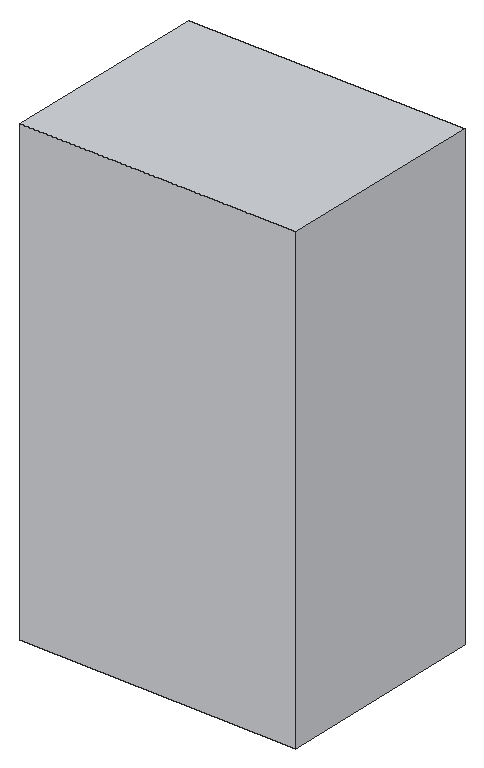
Revit family
Parameters
  Warranty Duration (Years) = 0
  Unit Width [instance] = 1' - 4"
  Unit Height [instance] = 1' - 8"
  Unit Depth = 0' - 1"
  URL = "http://www.americanspecialties.com/viewCategories.cfm"
  Trim Material = Glass
  Test Data = ""
  Specification = "http://www.arcat.com/sdspecs/htm/10810asi.htm"
  SpecWizard = ""
  Send Message = "http://www.arcat.com/users.pl?action=UserEmail&company=American%20Specialties,%20Inc.&coid=30448&rep=139&fax=914-476-0688&mf="
  Sales Information = "http://www.americanspecialties.com/contact"
  Revision = "R1_10-2010"
  Product Properties = "http://www.americanspecialties.com/datasheets/06251.pdf"
  Product Data = "http://www.arcat.com/arcatcos/cos30/arc30448.html"
  Model = "As Specified in 10 28 13"
  Mirror W [instance] = 1' - 3"
  Mirror Height = 1' - 7 1/2"
  Manufacturer Website = "http://www.americanspecialties.com/viewCategories.cfm"
  Manufacturer Phone - Toll Free = ""
  Manufacturer Phone = "914-476-9000 "
  Manufacturer Fax = "914-476-0688"
  Manufacturer Address = "441 Saw Mill River Rd., Yonkers, NY 10701"
  Manufacturer = "American Specialties, Inc."
  Maintenance Schedule (Months) = 0
  M = if(B = 0' 4", 0' 3 205/256", 0' 0 7/8")  # 0' - 0 7/8"
  Keynote = "10 28 13"
  Installation-Fabrication = "http://www.americanspecialties.com/products.cfm"
  Green Building-LEED = ""
  Expected Lifespan (Years) = 0
  Drawn By = "Robert S. Weygant. CSI, CDT, SCIP"  # constant formula
  Description = "Toilet Accessory as Specified in 10 28 13"
  Default Elevation = 4' - 0"
  Copyright = "©Arcat Inc."
  Construction Details = "http://www.arcat.com/green/clients/leed_data_30448.html"
  Building Codes = "http://www.americanspecialties.com/products.cfm"
  Body Material = Metal - Stainless Steel
  B = 0' - 1"
  Assembly Code = "C1030210"
Reference planes (in)
  plane 1 "Center (Front/Back)": y = -0.29112
  plane 2 "Floor Line": z = 0
  plane 3 "Center (Left/Right)": x = -0.65843
  plane 4: z = 58
  plane 5: x = -8.65843
  plane 6: x = 7.34157
  plane 7: z = 48
  plane 8: z = 68
  plane 9: x = 6.84157
  plane 10: x = -8.15843
Forms (in)
  Extrusion 1, solid
    sketch origin (-3, -9, -6) x (0, 0, -1) y (1, 0, 0)
      loop
        line (-82, 26) -> (-82, -19.34712) -> (-6, -19.34712) -> (-6, 26) -> (-82, 26)
    from 9 to -25.60721
  Extrusion 2, solid, material "Metal - Stainless Steel" <- "Body Material"
    sketch origin (-8.65843, 1.75, 0) x (0, 1, 0) y (0, 0, 1)
      loop
        line (-10.79112, 0) -> (9.20888, 0) -> (9.20888, 1) -> (-10.79112, 1) -> (-10.79112, 0)
    from 0 to 16
  Extrusion 3, solid, material "Glass" <- "Trim Material"
    sketch origin (-0.65843, 0, 0) x (0, 1, 0) y (0, 0, 1)
      loop
        line (-9.04112, 0.875) -> (-9.04112, 0) -> (10.45888, 0) -> (10.45888, 0.875) -> (-9.04112, 0.875)
    from -7.5 to 7.5
  Extrusion 4, solid, material "Metal - Stainless Steel" <- "Body Material"
    sketch origin (0, 0, 0) x (1, 0, 0) y (0, 1, 0)
      loop
        line (-8.65843, -9.04112) -> (-8.65843, -9.54112) -> (7.34157, -9.54112) -> (7.34157, -9.04112) -> (-8.65843, -9.04112)
    from 0 to 7
  Extrusion 5, void
    sketch origin (-0.65843, 0, 0) x (0, 1, 0) y (0, 0, 1)
      loop
        line (10.45888, 0.25) -> (10.45888, 4.08757) -> (-8.54112, 4.08757) -> (-8.54112, 0.25) -> (10.45888, 0.25)
    from -7.5 to 7.5
Cuts and joins
  Extrusion 5 cuts Extrusion 2
Dimensions and locks (in)
  equal spacing: plane 8, plane 4, plane 7
  equal spacing: plane 6, plane 3 "Center (Left/Right)", plane 5
  "Unit Width": plane 6 to plane 5
  "Unit Height": plane 8 to plane 7
  "Default Elevation": plane 7 to plane 2 "Floor Line"
  "Unit Height": Extrusion 2 sketch curve to Extrusion 2 sketch curve
  locked: Extrusion 2 sketch curve to Extrusion 2 sketch curve at 1
  "B": Extrusion 2 sketch curve to Extrusion 2 sketch curve
  locked: cut or joined group of Extrusion 2, Extrusion 5 to cut or joined group of Extrusion 2, Extrusion 5 at 0.5  (x2)
  "Mirror W": plane 10 to plane 9
  equal spacing: plane 10, plane 3 "Center (Left/Right)", plane 9
  "Mirror Height": Extrusion 3 to Extrusion 4
  "M": Extrusion 3 sketch curve to Extrusion 3 sketch curve
  locked: Extrusion 3 sketch curve to Extrusion 3 sketch curve at 0.875
  aligned and locked: Extrusion 1 to level
  aligned and locked: Extrusion 3 to Extrusion 4
  aligned and locked: Extrusion 4 to plane 5
  aligned and locked: plane 6 to Extrusion 4
  aligned and locked: plane 6 to cut or joined group of Extrusion 2, Extrusion 5
  aligned and locked: cut or joined group of Extrusion 2, Extrusion 5 to plane 5
  aligned and locked: Extrusion 3 to plane 9
  aligned and locked: plane 10 to Extrusion 3
  aligned and locked: Extrusion 3 to Extrusion 5
Automatic sketch dimensions
  Extrusion 1 sketch curve to Extrusion 1 sketch curve = 6' - 4"
  Extrusion 1 sketch curve to Extrusion 1 sketch curve = 3' - 9.34712"
  Extrusion 2 sketch curve to level = 0' - 0"
  plane 1 "Center (Front/Back)" to Extrusion 2 sketch curve = 0' - 8 3/4"
  plane 5 to Extrusion 4 sketch curve = 0' - 0"
  plane 6 to Extrusion 4 sketch curve = 0' - 0"
  plane 1 "Center (Front/Back)" to Extrusion 4 sketch curve = 0' - 9 1/4"
  Extrusion 4 sketch curve to Extrusion 4 sketch curve = 0' - 0 1/2"
  level to Extrusion 5 sketch curve = 0' - 0 1/4"
  plane 1 "Center (Front/Back)" to Extrusion 5 sketch curve = 0' - 8 1/4"
  level to Extrusion 5 sketch curve = 0' - 4.08757"
  Extrusion 5 sketch curve to plane 1 "Center (Front/Back)" = 0' - 10 3/4"
  plane 1 "Center (Front/Back)" to Extrusion 3 sketch curve = 0' - 8 3/4"
  Extrusion 3 sketch curve to plane 1 "Center (Front/Back)" = 0' - 10 3/4"
  Extrusion 3 sketch curve to level = 0' - 0"
